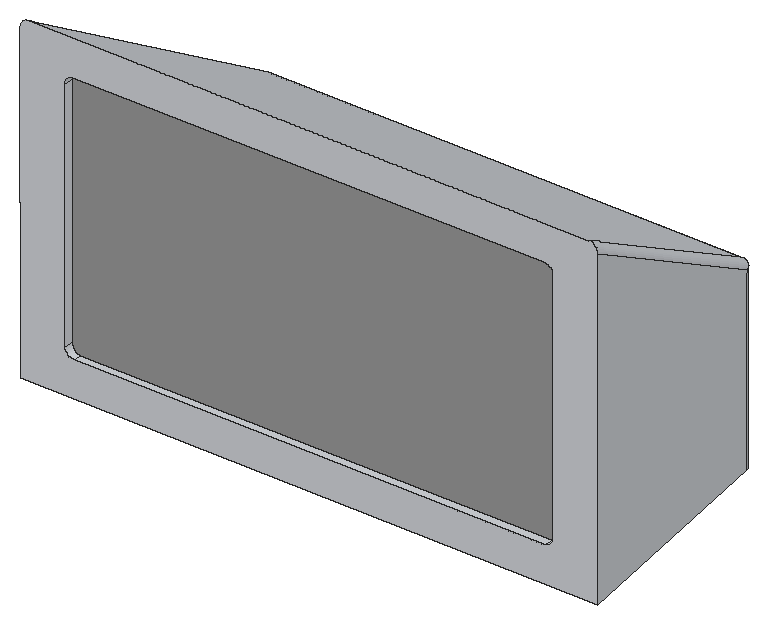
Revit family "GRA_SP_70W_4000K", category Lighting Fixtures, host Face, Revit 2022
Family settings
  Host = Face
  Round Connector Dimension = Use Diameter
  Part Type = Normal
  Cut with Voids When Loaded = Yes
  Light Source = Yes
  Maintain Annotation Orientation = No
  Shared = No
  Room Calculation Point = No
Parameters (values of type "GRA_SP_70W_4000K")
  Wattage Comments = "70W"
  Wattage = 54.53 W
  built-in parameter 1150110 = 1 (stored number, unit not read)
  URL = "https://www.abovealllighting.com/Product/LED-OUTDOOR-FIXTURES/LED-WALL-PACK/GRALEDWALLPACK.html"
  built-in parameter 1114217 = 1 (stored number, unit not read)
  Tilt Angle = 90.00°
  built-in parameter 1150109 = 1 (stored number, unit not read)
  built-in parameter 1150134 = 12
  built-in parameter 1150113 = 1 (stored number, unit not read)
  Power Factor = "0.9"
  Photometric Web File = "GRA-SP401-FT,70W.ies"
  Model = "GRA-SP401-FT"
  Manufacturer = "Above All Lighting"  # constant formula
  built-in parameter 1150105 = 3984 (stored number, unit not read)
  Lumens = 8100 lm
  built-in parameter 1150115 = 1 (stored number, unit not read)
  Load Classification = Lighting
  built-in parameter 1150137 = (empty or 0)
  built-in parameter 1150139 = (empty or 0)
  built-in parameter 1150112 = 1 (stored number, unit not read)
  built-in parameter 1150114 = 1 (stored number, unit not read)
  Lamp = "LED"
  Input Voltage = "120-277V"
  built-in parameter 1150132 = 2
  built-in parameter 1150102 = (empty or 0)
  built-in parameter 1150107 = 4000 (stored number, unit not read)
  built-in parameter 1150138 = (empty or 0)
  built-in parameter 1150106 = 39.84 (stored number, unit not read)
  built-in parameter 1150104 = 13.8 (stored number, unit not read)
  Dimming Lamp Color Temperature Shift = <None>
  Default Elevation = 3' - 0"
  Color Filter = 16777215
  CRI = "70"
  built-in parameter 1114218 = 1 (stored number, unit not read)
  built-in parameter 1150133 = 10 (stored number, unit not read)
Reference planes (in)
  plane 1 "Center (Front/Back)": y = 0
  plane 2: z = 0
  plane 3 "Center (Left/Right)": x = 0
  plane 4: z = 9.25
  plane 5: z = 5.25
  plane 6: y = 7.1
  plane 7: x = -8.27
  plane 8: x = 8.27
  plane 9: x = -6.99
  plane 10: x = 6.99
Forms (in)
  Blend 1, solid
    base sketch origin (0, 0, 0) x (1, 0, 0) y (0, 0, 1)
      loop
        line (-8.27, 0) -> (8.27, 0) -> (8.27, 9)
        arc (8.27, 9) -> (8.19678, 9.17678) -> (8.02, 9.25) r 0.25
        line (8.02, 9.25) -> (-8.02, 9.25)
        arc (-8.02, 9.25) -> (-8.19678, 9.17678) -> (-8.27, 9) r 0.25
        line (-8.27, 9) -> (-8.27, 0)
    top sketch origin (0, 0, 0) x (1, 0, 0) y (0, 0, 1)
      loop
        line (-6.99, 0) -> (6.99, 0) -> (6.99, 5)
        arc (6.99, 5) -> (6.91678, 5.17678) -> (6.74, 5.25) r 0.25
        line (6.74, 5.25) -> (-6.74, 5.25)
        arc (-6.74, 5.25) -> (-6.91678, 5.17678) -> (-6.99, 5) r 0.25
        line (-6.99, 5) -> (-6.99, 0)
    from 0 to -7.1
  Extrusion 2, void
    sketch origin (0, 0, 0) x (0, 1, 0) y (0, 0, 1)
      loop
        line (7.1, 5.1039) -> (7.1, 5.25) -> (6.97271, 5.32171)
        arc (6.97271, 5.32171) -> (7.06584, 5.23004) -> (7.1, 5.1039) r 0.25
    from -6.99 to 6.99
  Extrusion 3, void
    sketch origin (0, 0, 0) x (1, 0, 0) y (0, 1, 0)
      loop
        arc (-7.02707, 6.89436) -> (-6.94137, 7.04182) -> (-6.78104, 7.1) r 0.25
        line (-6.78104, 7.1) -> (-6.99, 7.1) -> (-7.02707, 6.89436)
      loop
        arc (6.78104, 7.1) -> (6.94137, 7.04182) -> (7.02707, 6.89436) r 0.25
        line (7.02707, 6.89436) -> (6.99, 7.1) -> (6.78104, 7.1)
    from 0 to 5.25
  Extrusion 4, void
    sketch origin (0, 0.5, 0) x (1, 0, 0) y (0, 0, 1)
      loop
        line (-6.99, 8) -> (-6.99, 1.25)
        arc (-6.99, 1.25) -> (-6.91678, 1.07322) -> (-6.74, 1) r 0.25
        line (-6.74, 1) -> (6.74, 1)
        arc (6.74, 1) -> (6.91678, 1.07322) -> (6.99, 1.25) r 0.25
        line (6.99, 1.25) -> (6.99, 8)
        arc (6.99, 8) -> (6.91678, 8.17678) -> (6.74, 8.25) r 0.25
        line (6.74, 8.25) -> (-6.74, 8.25)
        arc (-6.74, 8.25) -> (-6.91678, 8.17678) -> (-6.99, 8) r 0.25
    from 0 to 0.5
  Extrusion 5, solid, material "Glass, White, High Luminance"
    sketch origin (0, 0.5, 0) x (1, 0, 0) y (0, 0, 1)
      loop
        arc (-6.99, 1.25) -> (-6.91678, 1.07322) -> (-6.74, 1) r 0.25
        line (-6.74, 1) -> (6.74, 1)
        arc (6.74, 1) -> (6.91678, 1.07322) -> (6.99, 1.25) r 0.25
        line (6.99, 1.25) -> (6.99, 8)
        arc (6.99, 8) -> (6.91678, 8.17678) -> (6.74, 8.25) r 0.25
        line (6.74, 8.25) -> (-6.74, 8.25)
        arc (-6.74, 8.25) -> (-6.91678, 8.17678) -> (-6.99, 8) r 0.25
        line (-6.99, 8) -> (-6.99, 1.25)
    from 0 to 0.25
Cuts and joins
  Extrusion 2, Extrusion 3, Extrusion 4 cuts Blend 1
Dimensions and locks (in)
  plane 6 to plane 1 "Center (Front/Back)" = 0' - 7.1"
  cut or joined group of Blend 1, Extrusion 2, Extrusion 3, Extrusion 4 to cut or joined group of Blend 1, Extrusion 2, Extrusion 3, Extrusion 4 = 0' - 7.1"
  plane 7 to plane 8 = 1' - 4.54"
  plane 9 to plane 10 = 1' - 1.98"
  host face to plane 4 = 0' - 9 1/4"
  plane 5 to host face = 0' - 5 1/4"
  aligned and locked: plane 2 to host face
  aligned and locked: level to host face
